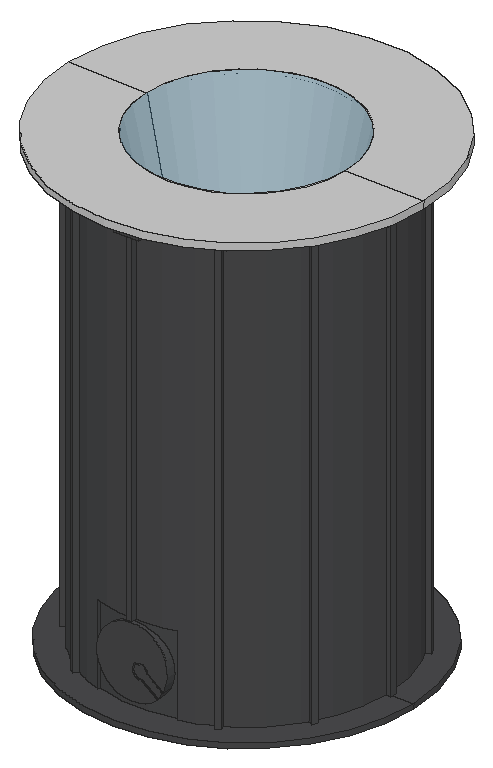
Revit family "LED COB INGROUND 12W_LKP0128WW.22", category Luminarias, Revit 2019
Family settings
  Cota de conector redondo = Diámetro de uso
  Tipo de pieza = Normal
  Se basa en plano de trabajo = Sí
  Siempre vertical = No
  Corte con vacíos al cargar = No
  Origen de luz = Sí
  Compartido = No
  Punto de cálculo de habitación = No
Parameters (values of type "EMP_LKP0128WW.22")
  Ángulo de inclinación = 105.00°
  Ángulo de enfoque = 22.00°
  Ángulo de campo de foco = 22.00°
  Zone [instance] = ""
  Watt per fixture = 14
  Wattage = 14 W
  built-in parameter 1150107 = 3000 (stored number, unit not read)
  built-in parameter 1150110 = 1 (stored number, unit not read)
  built-in parameter 1150109 = 1 (stored number, unit not read)
  built-in parameter 1150112 = 1 (stored number, unit not read)
  built-in parameter 1150113 = 1 (stored number, unit not read)
  built-in parameter 1114218 = 1 (stored number, unit not read)
  Keynote = ""
  built-in parameter 1150137 = (empty or 0)
  built-in parameter 1150132 = (empty or 0)
  Modelo = "LKP0128WW.22"
  Lámpara = "NICHIA"
  Longitud de símbolo de origen de luz = 500 mm
  built-in parameter 1150105 = 14753.9 (stored number, unit not read)
  built-in parameter 1150102 = (empty or 0)
  built-in parameter 1150106 = 147.54 (stored number, unit not read)
  Lumens = 1229.9 lm
  Color Filter = 16777215
  built-in parameter 1114217 = 1 (stored number, unit not read)
  built-in parameter 1150139 = (empty or 0)
  Fabricante = "BRILLANT"
  Default Elevation = 0 mm
  built-in parameter 1150104 = 8.1615 (stored number, unit not read)
  Descripción = "LUMINARIA TIPO CIRCULAR PARA EMPOTRAR EN PISO CON CUERPO DE ALUMINIO FUNDIDO A PRESION CUBIERTO CON POLVO GRIS OSCURO, CON CUBIERTA DE ACERO INOXIDABLE Y VIDRIO TEMPLADO DE 8MM, HOUSING TIPO ABS DE 155MM DE DIAMETRO Y 220MM DE PROFUNDO. CUENTA CON 12 LED COB TIPO NICHIA CON UNA POTENCIA TOTAL DE 14W, A UNA TEMPERATURA EN BLANCO CALIDO 3000K CON 1230 LUMENES, 102mA EN CORRIENTE DE OPERACIÓN, IP67, IK10, IRC 80, APERTURA EN 22 GRADOS EN STOCK, ALIMENTADA A 100-277V"
  built-in parameter 1150115 = 1 (stored number, unit not read)
  built-in parameter 1150114 = 1 (stored number, unit not read)
  Comentarios de vataje = "100-277V"
  built-in parameter 1150138 = (empty or 0)
  built-in parameter 1150134 = (empty or 0)
  Circuit [instance] = ""
  Dimming Lamp Color Temperature Shift = (empty or 0)
  built-in parameter 1150133 = 10 (stored number, unit not read)
Reference planes
  plane 1 "Centro (Frontal/Posterior)": y = 0
  plane 2: z = 0
  plane 3 "Centro (Izquierda/Derecha)": x = 0
  plane 4: z = -220
  plane 5: z = -128
  plane 6 "PEND": y = 20
  plane 7 "Centro I/E": y = -15
  plane 8: x = -77.5
  plane 9: x = 77.5
Forms (mm)
  Revolve 1, solid, material "Acero Inoxidable"
    sketch origin (0, 0, 0) x (1, 0, 0) y (0, 0, 1)
      loop
        line (-38.059, -45.88) -> (-48.546, 3.457) -> (-86.5, 3.457) -> (-86.5, 0) -> (-59, 0) -> (-59, -117.969) -> (0, -117.969) -> (0, -45.88) -> (-38.059, -45.88)
      axis (0, 3.457) -> (0, -117.969)
    angle from 0 to 360
  Extrusion 2, solid, material "Cristal"
    sketch origin (0, 0, 0) x (1, 0, 0) y (0, 1, 0)
      loop
        circle (0, 0) r 48.546
    from 1.93 to 3.457
  Extrusion 3, solid, material "Plastico"
    sketch origin (0, 0, 0) x (1, 0, 0) y (0, 1, 0)
      loop
        circle (0, 0) r 10
    from -128 to -123.044
  Extrusion 4, solid, material "Cobre"
    sketch origin (0, 0, 0) x (1, 0, 0) y (0, 1, 0)
      loop
        line (12.101, 0) -> (6.051, 10.48) -> (-6.051, 10.48) -> (-12.101, 0) -> (-6.051, -10.48) -> (6.051, -10.48) -> (12.101, 0)
    from -123.044 to -117.969
  Revolve 5, solid, material "Plastico"
    sketch origin (0, 0, 0) x (1, 0, 0) y (0, 0, 1)
      loop
        line (-77.5, -0.88) -> (-77.5, -4.48) -> (-69.055, -4.48) -> (-69.055, -217.5) -> (-81.5, -217.5) -> (-81.5, -220) -> (-30.747, -220) -> (0, -220) -> (0, -217.5) -> (-59.119, -217.5) -> (-59.119, -0.88) -> (-77.5, -0.88)
      axis (0, -0.88) -> (0, -220)
    angle from 0 to 360
  Extrusion 6, solid, material "Plastico"
    sketch origin (0, 0, 0) x (1, 0, 0) y (0, 1, 0)
      loop
        line (-69.04, 1.342) -> (-71.413, 1.342) -> (-71.413, -1.342) -> (-69.04, -1.342)
        arc (-69.04, -1.342) -> (-69.055, 0) -> (-69.04, 1.342) r 59.642
      loop
        line (-59.119, 35.682) -> (-61.196, 36.882) -> (-62.539, 34.557) -> (-60.461, 33.357)
        arc (-60.461, 33.357) -> (-59.803, 34.527) -> (-59.119, 35.682) r 59.642
      loop
        line (-33.357, 60.461) -> (-34.529, 62.491) -> (-36.854, 61.149) -> (-35.682, 59.119)
        arc (-35.682, 59.119) -> (-34.527, 59.803) -> (-33.357, 60.461) r 59.642
      loop
        line (1.342, 69.04) -> (1.342, 71.384) -> (-1.342, 71.384) -> (-1.342, 69.04)
        arc (-1.342, 69.04) -> (0, 69.055) -> (1.342, 69.04) r 59.642
      loop
        arc (69.04, 1.342) -> (69.055, 0) -> (69.04, -1.342) r 59.642
        line (69.04, -1.342) -> (71.413, -1.342) -> (71.413, 1.342) -> (69.04, 1.342)
      loop
        arc (59.119, 35.682) -> (59.803, 34.527) -> (60.461, 33.357) r 59.642
        line (60.461, 33.357) -> (62.539, 34.557) -> (61.196, 36.882) -> (59.119, 35.682)
      loop
        arc (33.357, 60.461) -> (34.527, 59.803) -> (35.682, 59.119) r 59.642
        line (35.682, 59.119) -> (36.854, 61.149) -> (34.529, 62.491) -> (33.357, 60.461)
      loop
        arc (-59.119, -35.682) -> (-59.803, -34.527) -> (-60.461, -33.357) r 59.642
        line (-60.461, -33.357) -> (-62.539, -34.557) -> (-61.196, -36.882) -> (-59.119, -35.682)
      loop
        arc (-33.357, -60.461) -> (-34.527, -59.803) -> (-35.682, -59.119) r 59.642
        line (-35.682, -59.119) -> (-36.854, -61.149) -> (-34.529, -62.491) -> (-33.357, -60.461)
      loop
        arc (1.342, -69.04) -> (0, -69.055) -> (-1.342, -69.04) r 59.642
        line (-1.342, -69.04) -> (-1.342, -71.384) -> (1.342, -71.384) -> (1.342, -69.04)
      loop
        line (59.119, -35.682) -> (61.196, -36.882) -> (62.539, -34.557) -> (60.461, -33.357)
        arc (60.461, -33.357) -> (59.803, -34.527) -> (59.119, -35.682) r 59.642
      loop
        line (33.357, -60.461) -> (34.529, -62.491) -> (36.854, -61.149) -> (35.682, -59.119)
        arc (35.682, -59.119) -> (34.527, -59.803) -> (33.357, -60.461) r 59.642
    from -217.5 to -4.48
  Extrusion 7, void
    sketch origin (3.125, 0, 0) x (1, 0, 0) y (0, 1, 0)
      loop
        circle (-3.125, -65.006) r 1.981
      loop
        circle (61.851, -0.03) r 1.981
      loop
        circle (-68.101, -0.03) r 1.981
      loop
        circle (-3.095, 64.976) r 1.981
    from -220 to -216.767
  Extrusion 8, void
    sketch origin (0, -11.405, 0) x (1, 0, 0) y (0, 1, 0)
      loop
        line (-1.342, -57.635) -> (-1.342, -59.979) -> (1.342, -59.979) -> (1.342, -57.635) -> (-1.342, -57.635)
    from -217.5 to -178.507
  Extrusion 9, void
    sketch origin (0, 0, 0) x (1, 0, 0) y (0, 1, 0)
      loop
        line (19.48, -67.947) -> (19.48, -64.931)
        arc (19.48, -64.931) -> (-0.004, -67.85) -> (-19.48, -64.872) r 65.829
        line (-19.48, -64.872) -> (-19.48, -67.609)
        arc (-19.48, -67.609) -> (-0.022, -70.266) -> (19.48, -67.947) r 77.5
    from -217.5 to -178.507
  Extrusion 10, solid, material "Plastico"
    sketch origin (0, 0, 0) x (1, 0, 0) y (0, 0, 1)
      loop
        arc (15.228, -205.467) -> (-13.875, -187.312) -> (12.384, -209.381) r 17.194
        line (12.384, -209.381) -> (4.761, -203.843)
        arc (4.761, -203.843) -> (0.929, -198.068) -> (7.605, -199.928) r 3.698
        line (7.605, -199.928) -> (15.228, -205.467)
      loop
        line (4.897, -203.076) -> (12.864, -208.865) -> (14.886, -206.083) -> (6.918, -200.294)
        arc (6.918, -200.294) -> (1.496, -198.48) -> (4.897, -203.076) r 2.998
    from 64.93 to 69.585
  Extrusion 11, solid, material "Plastico"
    sketch origin (0, 0, 0) x (1, 0, 0) y (0, 1, 0)
      loop
        line (-5.899, 73.187) -> (-5.899, 68.802)
        arc (-5.899, 68.802) -> (0, 69.055) -> (5.899, 68.802) r 69.055
        line (5.899, 68.802) -> (5.899, 73.187)
        arc (5.899, 73.187) -> (0, 73.439) -> (-5.899, 73.187) r 69.055
      loop
        arc (-5.899, -73.187) -> (0, -73.439) -> (5.899, -73.187) r 69.055
        line (5.899, -73.187) -> (5.899, -68.802)
        arc (5.899, -68.802) -> (0, -69.055) -> (-5.899, -68.802) r 69.055
        line (-5.899, -68.802) -> (-5.899, -73.187)
      loop
        arc (73.187, -5.899) -> (73.439, 0) -> (73.187, 5.899) r 69.055
        line (73.187, 5.899) -> (68.802, 5.899)
        arc (68.802, 5.899) -> (69.055, 0) -> (68.802, -5.899) r 69.055
        line (68.802, -5.899) -> (73.187, -5.899)
      loop
        line (-73.187, -5.899) -> (-68.802, -5.899)
        arc (-68.802, -5.899) -> (-69.055, 0) -> (-68.802, 5.899) r 69.055
        line (-68.802, 5.899) -> (-73.187, 5.899)
        arc (-73.187, 5.899) -> (-73.439, 0) -> (-73.187, -5.899) r 69.055
    from -10.055 to -4.48
Cuts and joins
  Extrusion 7, Extrusion 9 cuts Revolve 5
  Extrusion 7, Extrusion 8, Extrusion 9 cuts Revolve 1
  Extrusion 8 cuts Extrusion 6
Dimensions and locks
  plane 2 to plane 4 = 220 mm
  level to plane 4 = 220 mm
  level to Extrusion 3 = 128 mm
  plane 3 "Centro (Izquierda/Derecha)" to Revolve 5 sketch curve = 81.5 mm
  Revolve 1 sketch curve to Revolve 1 sketch curve = 86.5 mm
  Revolve 5 sketch curve to Revolve 5 sketch curve = 77.5 mm
  aligned and locked: level to plane 2
Connectors
  electrical at (0, 0, -220)
    settings: on cut or joined group of Revolve 5, Extrusion 7, Extrusion 9, index 1, voltage 277 V, apparent load 0 VA, apparent load phase1 0 VA, apparent load phase2 0 VA, apparent load phase3 0 VA, power factor 1, load classification "Otro", number of poles 1, system type 31, power factor state 1, is connector primary yes, connector utility no, sub classification motor no, connector description ""
